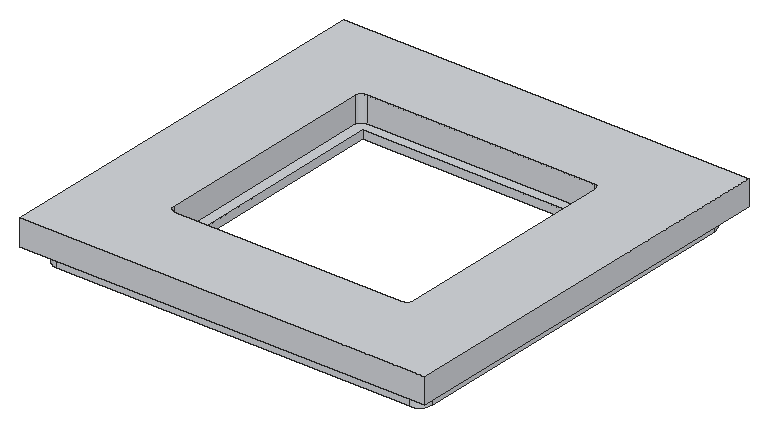
Revit family "Gira_021110", category Electrical Fixtures, host Face, Revit 2017
Family settings
  Host = Face
  Maintain Annotation Orientation = No
  Round Connector Dimension = Use Diameter
  Part Type = Normal
  Cut with Voids When Loaded = No
  Shared = No
  Room Calculation Point = No
Parameters (values of type "Cov.fr. 1-g Gira Esprit chrome")
  With hinged lid = "No"
  URL = "http://katalog.gira.de/en/datenblatt.html?artikelnr=021110"
  Type of fastening = "Clamp mounting"
  Transparent = "No"
  Surface protection = "Other"
  Suitable for wall duct = "No"
  Suitable for flush-mounted installation = "Yes"
  Suitable for floor box = "No"
  Suitable for built-in installation = "No"
  Number of units vertical = "1"
  Number of units horizontal = "1"
  Number of units = "1"
  Name = "Cov.fr. 1-g Gira Esprit chrome"
  Mounting direction = "Horizontal and vertical"
  Material quality = "Other"
  Material = "Metal"
  Manufacturer URL = "https://www.gira.de/"
  Manufacturer = "Gira"
  Label space/information surface = "No"
  Keynote = ""
  HeinzeBIM = "https://bimportal.heinze.de/bim/cov-fr-1-g-gira-esprit-chrome/99ff14b6bf2d1a5269b66882fb3ec5e0bf4150da"
  Halogen free = "No"
  HAN = "021110"
  GTIN = "4010337003014"
  Description = "Cov.fr.1g Espr. CH,Gira Esprit cover frame,chrome,1-gang,Features:,- Highly-polished surface."
  Degree of protection (IP) = "IP20"
  Default Elevation = 1219.2 mm
  Data sheet (1) = "https://katalog.gira.de/en/download.html?artikelnr=021110"
  Colour = "Chrome"
  Category = "Cover frame for domestic switching devices"
  BIM (1) = "https://media.stage.bim.site/public/gira/36a6b08/Espr._Rahmen_1fach.rfa"
  Available = "No"
Reference planes
  plane 1 "Center (Front/Back)": y = 0
  plane 2: z = 0
  plane 3 "Center (Left/Right)": x = 0
Forms (mm)
  Extrusion 1, solid, detail levels fine
    sketch origin (0, 0, 0) x (1, 0, 0) y (0, 1, 0)
      loop
        line (-47.5, 47.5) -> (-47.5, -47.5) -> (47.5, -47.5) -> (47.5, 47.5) -> (-47.5, 47.5)
      loop
        arc (-28.2, -26.7) -> (-27.761, -27.761) -> (-26.7, -28.2) r 1.5
        line (-26.7, -28.2) -> (26.7, -28.2)
        arc (26.7, -28.2) -> (27.761, -27.761) -> (28.2, -26.7) r 1.5
        line (28.2, -26.7) -> (28.2, 26.7)
        arc (28.2, 26.7) -> (27.761, 27.761) -> (26.7, 28.2) r 1.5
        line (26.7, 28.2) -> (-26.7, 28.2)
        arc (-26.7, 28.2) -> (-27.761, 27.761) -> (-28.2, 26.7) r 1.5
        line (-28.2, 26.7) -> (-28.2, -26.7)
    from 0 to 6
  Extrusion 2, solid, detail levels fine
    sketch origin (0, 0, 0) x (1, 0, 0) y (0, 1, 0)
      loop
        line (-25.7, -25.7) -> (25.7, -25.7) -> (25.7, 25.7) -> (-25.7, 25.7) -> (-25.7, -25.7)
      loop
        arc (-43.1, -41.3) -> (-42.573, -42.573) -> (-41.3, -43.1) r 1.8
        line (-41.3, -43.1) -> (41.3, -43.1)
        arc (41.3, -43.1) -> (42.573, -42.573) -> (43.1, -41.3) r 1.8
        line (43.1, -41.3) -> (43.1, 41.3)
        arc (43.1, 41.3) -> (42.573, 42.573) -> (41.3, 43.1) r 1.8
        line (41.3, 43.1) -> (-41.3, 43.1)
        arc (-41.3, 43.1) -> (-42.573, 42.573) -> (-43.1, 41.3) r 1.8
        line (-43.1, 41.3) -> (-43.1, -41.3)
    from -1.9 to 0
  Extrusion 3, solid, detail levels fine
    sketch origin (0, 0, 0) x (1, 0, 0) y (0, 1, 0)
      loop
        arc (-41.4, 44.4) -> (-43.521, 43.521) -> (-44.4, 41.4) r 3
        line (-44.4, 41.4) -> (-44.4, -41.4)
        arc (-44.4, -41.4) -> (-43.521, -43.521) -> (-41.4, -44.4) r 3
        line (-41.4, -44.4) -> (41.4, -44.4)
        arc (41.4, -44.4) -> (43.521, -43.521) -> (44.4, -41.4) r 3
        line (44.4, -41.4) -> (44.4, 41.4)
        arc (44.4, 41.4) -> (43.521, 43.521) -> (41.4, 44.4) r 3
        line (41.4, 44.4) -> (-41.4, 44.4)
      loop
        line (-43.1, 41.3) -> (-43.1, -41.3)
        arc (-43.1, -41.3) -> (-42.573, -42.573) -> (-41.3, -43.1) r 1.8
        line (-41.3, -43.1) -> (41.3, -43.1)
        arc (41.3, -43.1) -> (42.573, -42.573) -> (43.1, -41.3) r 1.8
        line (43.1, -41.3) -> (43.1, 41.3)
        arc (43.1, 41.3) -> (42.573, 42.573) -> (41.3, 43.1) r 1.8
        line (41.3, 43.1) -> (-41.3, 43.1)
        arc (-41.3, 43.1) -> (-42.573, 42.573) -> (-43.1, 41.3) r 1.8
    from -3.7 to 0
  Extrusion 4, solid, detail levels medium
    sketch origin (0, 0, 0) x (1, 0, 0) y (0, 1, 0)
      loop
        line (-47.5, 47.5) -> (-47.5, -47.5) -> (47.5, -47.5) -> (47.5, 47.5) -> (-47.5, 47.5)
    from 0 to 6
  Extrusion 5, solid, detail levels medium
    sketch origin (0, 0, 0) x (1, 0, 0) y (0, 1, 0)
      loop
        line (-44.4, 44.4) -> (-44.4, -44.4) -> (44.4, -44.4) -> (44.4, 44.4) -> (-44.4, 44.4)
    from -3.7 to 0
  Extrusion 6, solid, detail levels coarse
    sketch origin (0, 0, 0) x (1, 0, 0) y (0, 1, 0)
      loop
        line (-47.5, 47.5) -> (-47.5, -47.5) -> (47.5, -47.5) -> (47.5, 47.5) -> (-47.5, 47.5)
    from -3.7 to 6
Dimensions and locks
  aligned and locked: plane 2 to host face
  aligned and locked: level to host face
